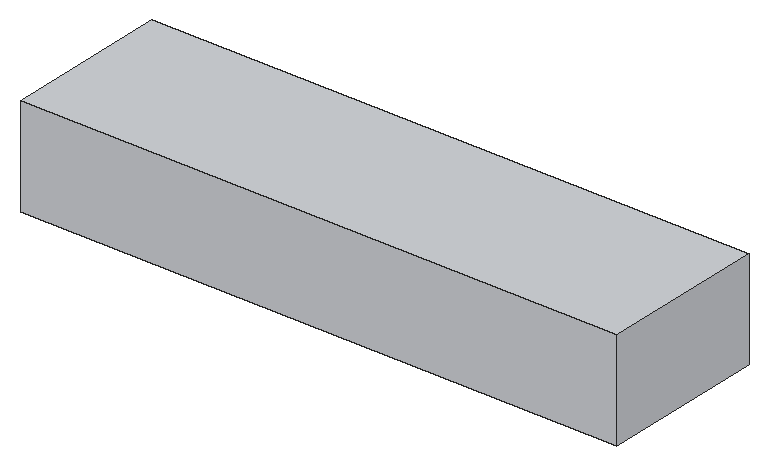
Revit family "BG_DORc_Closer-Type1", category Doors, host Face, Revit 2020
Family settings
  Host = Face
  Cut with Voids When Loaded = No
  Shared = No
  Room Calculation Point = No
Parameters (values of type "Typical")
  Width [instance] = 1008.451 mm
  Thickness = 0 mm
  Hardware finish [instance] = none
  Height [instance] = 0 mm
  Default Elevation = 1219.2 mm
Reference planes
  plane 1 "Center (Front/Back)": y = 0
  plane 2: z = 0
  plane 3 "Right": x = 0
  plane 4: x = 114
  plane 5: x = 378
  plane 6: y = -73
Forms (mm)
  Extrusion 1, solid, material <- "Hardware finish"
    sketch origin (0, 0, 0) x (1, 0, 0) y (0, 1, 0)
      loop
        line (114, 0) -> (114, -73) -> (378, -73) -> (378, 0) -> (114, 0)
    from 0 to 44
Dimensions and locks
  aligned and locked: plane 2 to host face
  aligned and locked: level to host face
  aligned and locked: plane 1 "Center (Front/Back)" to Extrusion 1 sketch curve
  aligned and locked: Extrusion 1 sketch curve to plane 4
  aligned and locked: plane 6 to Extrusion 1 sketch curve
  aligned and locked: plane 5 to Extrusion 1 sketch curve
